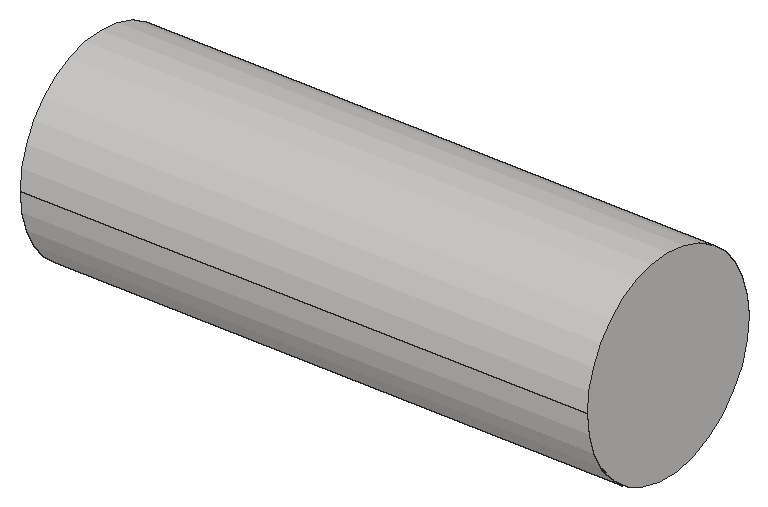
Revit family "SOFiSTiK_Muffe_Geschraubt_Geschraubt", category Verbindungsmittel, Revit 2023
Family settings
  Arbeitsebenenbasiert = Nein
  Immer vertikal = Nein
  Beim Laden mit Abzugskörper schneiden = Nein
  Gemeinsam genutzt = Nein
  An Ansicht ausrichten = Ja
Parameters (values of type "Ø10")
  Stabgröße 2 = d2, ø10
  Stabgröße 1 = d2, ø10
  SOFiSTiK_Symbol_ID = "General"  # constant formula
  SOFiSTiK_Identifier = "RC_Rebar_Coupler"  # constant formula
  Modell = "Standardmuffe"
  Material = Baustahl - S 235
  Körper = 0,07 kg
  Hersteller = "Hersteller"
  Gesamtlänge = 48 mm
  Endenbearbeitung 2 = SOFiSTiK_Gewinde
  Endenbearbeitung 1 = SOFiSTiK_Gewinde
  Einfassung Stab 2 = Einfassung Stab 1  # 18 mm
  Einfassung Stab 1 = 18 mm
  Bauelement = "M"
  Außendurchmesser = 17 mm
Types (14, lengths in mm): name | Stabgröße 2 | Stabgröße 1 | Körper | Gesamtlänge | Einfassung Stab 2 | Einfassung Stab 1 | Außendurchmesser
  (no name) | d2, ø10 | d2, ø10 | 0.07 (stored number, unit not read) | 48 | 0.059055 (stored number, unit not read) | 0.059055 (stored number, unit not read) | 17
  Ø6 | d2, ø6 | d2, ø6 | 0,07 kg | 41 | 15 mm | 15 mm | 14
  Ø8 | d2, ø8 | d2, ø8 | 0,07 kg | 41 | 15 mm | 15 mm | 14
  Ø10 | d2, ø10 | d2, ø10 | 0,07 kg | 48 | 18 mm | 18 mm | 17
  Ø12 | d2, ø12 | d2, ø12 | 0,06 kg | 49 | 18 mm | 18 mm | 17
  Ø14 | d2, ø14 | d2, ø14 | 0,13 kg | 55 | 21 mm | 21 mm | 22
  Ø16 | d2, ø16 | d2, ø16 | 0,13 kg | 61 | 24 mm | 24 mm | 22
  Ø20 | d2, ø20 | d2, ø20 | 0,27 kg | 71 | 29 mm | 29 mm | 27
  Ø26 | d2, ø26 | d2, ø26 | 0,36 kg | 96 | 41 mm | 41 mm | 33
  Ø30 | d2, ø30 | d2, ø30 | 0,36 kg | 101 | 43 mm | 43 mm | 37
  Ø34 | d2, ø34 | d2, ø34 | 0,36 kg | 107 | 46 mm | 46 mm | 42
  Ø40 | d2, ø40 | d2, ø40 | 0,36 kg | 131 | 58 mm | 58 mm | 52
  Ø18 | d2, ø18 | d2, ø18 | 0,13 kg | 61 | 24 mm | 24 mm | 22
  Ø22 | d2, ø22 | d2, ø22 | 0,27 kg | 71 | 29 mm | 29 mm | 27
Reference planes
  plane 1: y = 0
  plane 2: z = 0
  plane 3 "Mitte (Links/rechts)": x = 0
  plane 4: x = -24
  plane 5: x = 24
  plane 6: y = 8.5
  plane 7: y = -8.5
Forms (mm)
  Extrusion 1, solid, material "Baustahl - S 235" <- "Material"
    sketch origin (0, 0, 0) x (0, 1, 0) y (0, 0, 1)
      loop
        circle (0, 0) r 8.5
    from -24 to 24
Lines and regions (mm)
  symbolic lines
    curve 1: line (-24, 8.5, 0) -> (24, 8.5, 0)
    curve 2: line (-24, -8.5, 0) -> (-24, 8.5, 0)
    curve 3: line (24, -8.5, 0) -> (-24, -8.5, 0)
    curve 4: line (24, 8.5, 0) -> (24, -8.5, 0)
Dimensions and locks
  equal spacing: plane 4, plane 3 "Mitte (Links/rechts)", plane 5
  "Gesamtlänge": plane 4 to plane 5
  equal spacing: plane 6, plane 1, plane 7
  "Außendurchmesser": plane 6 to plane 7
  "Außendurchmesser": diameter of Extrusion 1 sketch curve
  aligned and locked: Extrusion 1 to plane 4
  aligned and locked: plane 5 to Extrusion 1
  aligned and locked: plane 4 to curve 2
  aligned and locked: curve 4 to plane 5
  aligned and locked: curve 1 to plane 6
  aligned and locked: plane 7 to curve 3
Automatic sketch dimensions
  Extrusion 1 sketch curve to level = 0 mm
  Extrusion 1 sketch curve to plane 1 = 0 mm
